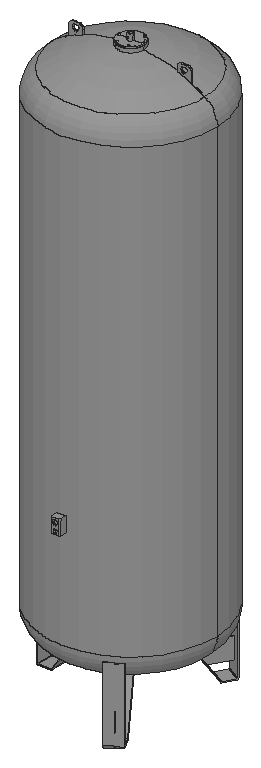
Revit family "WRV 10000", category Оборудование, Revit 2014
Parameters
  Описание = "Мембранный бак для отопления V=10000л, Py=10бар, DN100"
  Материал = Красная краска
  Масса кг = "1920"
  Комментарии к типоразмеру = "WRV 10000"
  Изготовитель = "WESTER"  # constant formula
  URL = "http://www.wester.su/"
Reference planes
  plane 1 "По центру (Вперед/Назад)": y = 0
  plane 2: z = 0
  plane 3 "По центру (Влево/Вправо)": x = 0
Forms (mm)
  Revolve 1, solid, material "Красная краска" <- "Материал"
    sketch origin (161.5, 0, 805.958) x (0, 0, 1) y (-1, 0, 0)
      loop
        line (-440.974, 161.5) -> (4564.042, 161.5) -> (4564.042, 281.538)
        arc (4564.042, 281.538) -> (4501.051, 575.629) -> (4370.853, 846.748) r 1273.597
        arc (4370.853, 846.748) -> (4281.132, 930.93) -> (4161.963, 961.51) r 247.493
        line (4161.963, 961.51) -> (-48.037, 961.51)
        arc (-48.037, 961.51) -> (-167.066, 930.985) -> (-256.716, 846.945) r 247.335
        arc (-256.716, 846.945) -> (-374.619, 610.106) -> (-440.974, 354) r 1271.891
        line (-440.974, 354) -> (-440.974, 161.5)
      axis (-440.974, 161.5) -> (4564.042, 161.5)
    angle from 0 to 360
  Revolve 2, solid, material "Красная краска" <- "Материал"
    sketch origin (0, 0, 604.512) x (-1, 0, 0) y (0, 0, -1)
      loop
        line (0, 239.527) -> (192.5, 239.527) -> (192.5, 254.559) -> (166.016, 254.559) -> (166.016, 264.512) -> (192.5, 264.512) -> (192.5, 284.512) -> (60.592, 284.512) -> (60.592, 364.512) -> (55.131, 364.512) -> (55.131, 284.516) -> (0, 284.516) -> (0, 239.527)
      axis (0, 364.512) -> (0, 239.527)
    angle from 0 to 360
  Revolve 3, solid, material "Красная краска" <- "Материал"
    sketch origin (0, 0, 4773.511) x (1, 0, 0) y (0, 0, 1)
      loop
        line (-24.298, 691.489) -> (-24.298, 641.489) -> (-120.038, 641.489) -> (-120.038, 633.489) -> (-99.923, 633.489) -> (-99.923, 626.489) -> (-120.038, 626.489) -> (-120.038, 596.489) -> (0, 596.489) -> (0, 641.489) -> (-19.533, 641.489) -> (-19.533, 691.489) -> (-24.298, 691.489)
      axis (0, 691.489) -> (0, 596.489)
    angle from 0 to 360
  Extrusion 4, solid, material "Красная краска" <- "Материал"
    sketch origin (0, -96.875, 0) x (1, 0, 0) y (0, 1, 0)
      loop
        line (42.5, -758.125) -> (42.5, -693.125) -> (-42.5, -693.125) -> (-42.5, -758.125)
        arc (-42.5, -758.125) -> (-39.571, -765.196) -> (-32.5, -768.125) r 10
        line (-32.5, -768.125) -> (32.5, -768.125)
        arc (32.5, -768.125) -> (39.571, -765.196) -> (42.5, -758.125) r 10
    from 1700 to 1838
  Extrusion 5, void
    sketch origin (0, 0, 660) x (1, 0, 0) y (0, 0, 1)
      loop
        circle (0, 1139.927) r 25
      loop
        circle (0, 1069.302) r 20
    from 855 to 865
  Extrusion 6, solid, material "Красная краска" <- "Материал"
    sketch origin (0, 0, 2201.25) x (1, 0, 0) y (0, 0, 1)
      loop
        line (565, 3023.75) -> (565, 3138.75)
        arc (565, 3138.75) -> (553.284, 3167.034) -> (525, 3178.75) r 40
        line (525, 3178.75) -> (475, 3178.75)
        arc (475, 3178.75) -> (446.716, 3167.034) -> (435, 3138.75) r 40
        line (435, 3138.75) -> (435, 3023.75) -> (565, 3023.75)
      loop
        circle (499.73, 3132.877) r 30
      loop
        line (-565, 3023.75) -> (-435, 3023.75) -> (-435, 3138.75)
        arc (-435, 3138.75) -> (-446.716, 3167.034) -> (-475, 3178.75) r 40
        line (-475, 3178.75) -> (-525, 3178.75)
        arc (-525, 3178.75) -> (-553.284, 3167.034) -> (-565, 3138.75) r 40
        line (-565, 3138.75) -> (-565, 3023.75)
      loop
        circle (-499.73, 3132.877) r 30
    from -3.5 to 3.5
  Extrusion 7, solid, material "Красная краска" <- "Материал"
    sketch origin (0, 0, 0) x (1, 0, 0) y (0, 0, 1)
      loop
        line (-794, 320) -> (-794, 120) -> (-588.525, 120) -> (-448.87, 320) -> (-794, 320)
    from -3 to 3
  Extrusion 8, solid, material "Красная краска" <- "Материал"
    sketch origin (0, 0, 0) x (1, 0, 0) y (0, 0, 1)
      loop
        line (-661.418, 5.13) -> (-378.496, 410.303) -> (-384.502, 412.182) -> (-666.337, 8.565)
        arc (-666.337, 8.565) -> (-668.483, 6.68) -> (-671.257, 6) r 6
        line (-671.257, 6) -> (-788, 6)
        arc (-788, 6) -> (-792.243, 7.757) -> (-794, 12) r 6
        line (-794, 12) -> (-794, 703.818) -> (-800, 703.818) -> (-800, 12)
        arc (-800, 12) -> (-796.485, 3.515) -> (-788, 0) r 12
        line (-788, 0) -> (-671.257, 0)
        arc (-671.257, 0) -> (-665.709, 1.359) -> (-661.418, 5.13) r 12
    from -80 to 80
  Extrusion 9, solid, material "Красная краска" <- "Материал"
    sketch origin (0.362, -0.627, 0) x (-0.5, 0.866025, 0) y (0, 0, 1)
      loop
        line (-661.418, 5.13) -> (-378.496, 410.303) -> (-384.502, 412.182) -> (-666.337, 8.565)
        arc (-666.337, 8.565) -> (-668.483, 6.68) -> (-671.257, 6) r 6
        line (-671.257, 6) -> (-788, 6)
        arc (-788, 6) -> (-792.243, 7.757) -> (-794, 12) r 6
        line (-794, 12) -> (-794, 703.818) -> (-800, 703.818) -> (-800, 12)
        arc (-800, 12) -> (-796.485, 3.515) -> (-788, 0) r 12
        line (-788, 0) -> (-671.257, 0)
        arc (-671.257, 0) -> (-665.709, 1.359) -> (-661.418, 5.13) r 12
    from -80 to 80
  Extrusion 10, solid, material "Красная краска" <- "Материал"
    sketch origin (0.571, 0.988, 0) x (-0.5, -0.866025, 0) y (0, 0, 1)
      loop
        line (-661.418, 5.13) -> (-378.496, 410.303) -> (-384.502, 412.182) -> (-666.337, 8.565)
        arc (-666.337, 8.565) -> (-668.483, 6.68) -> (-671.257, 6) r 6
        line (-671.257, 6) -> (-788, 6)
        arc (-788, 6) -> (-792.243, 7.757) -> (-794, 12) r 6
        line (-794, 12) -> (-794, 703.818) -> (-800, 703.818) -> (-800, 12)
        arc (-800, 12) -> (-796.485, 3.515) -> (-788, 0) r 12
        line (-788, 0) -> (-671.257, 0)
        arc (-671.257, 0) -> (-665.709, 1.359) -> (-661.418, 5.13) r 12
    from -80 to 80
  Extrusion 11, solid, material "Красная краска" <- "Материал"
    sketch origin (0.362, -0.627, 0) x (-0.5, 0.866025, 0) y (0, 0, 1)
      loop
        line (-794, 320) -> (-794, 120) -> (-588.525, 120) -> (-448.87, 320) -> (-794, 320)
    from -3 to 3
  Extrusion 12, solid, material "Красная краска" <- "Материал"
    sketch origin (0.571, 0.988, 0) x (-0.5, -0.866025, 0) y (0, 0, 1)
      loop
        line (-794, 320) -> (-794, 120) -> (-588.525, 120) -> (-448.87, 320) -> (-794, 320)
    from -3 to 3
Cuts and joins
  Extrusion 5 cuts Extrusion 4
  joined: Revolve 1, Extrusion 4, Extrusion 6
  joined: Extrusion 10, Extrusion 12
  joined: Extrusion 9, Extrusion 11
  joined: Extrusion 7, Extrusion 8
Dimensions and locks
  aligned and locked: level to plane 2
Nested families
  nested 1: "Болт" at (0, -175.057, 320) x (0, 1, 0) z (0, 0, -1), type "Болт"
  nested 2: "Болт" at (-123.981, -123.959, 320) x (-0.2588, 0.9659, 0) z (0, 0, -1), type "Болт"
  nested 3: "Болт" at (-175, 0, 320) x (1, 0, 0) z (0, 0, -1), type "Болт"
  nested 4: "Болт" at (123.52, 123.921, 320) x (-0.2588, 0.9659, 0) z (0, 0, -1), type "Болт"
  nested 5: "Болт" at (-123.576, 123.61, 320) x (0.2588, 0.9659, 0) z (0, 0, -1), type "Болт"
  nested 6: "Болт" at (123.798, -123.873, 320) x (0.9659, 0.2588, 0) z (0, 0, -1), type "Болт"
  nested 7: "Болт" at (175, 0, 320) x (-1, 0, 0) z (0, 0, -1), type "Болт"
  nested 8: "Болт" at (0, 175.033, 320) x (0, -1, 0) z (0, 0, -1), type "Болт"
  nested 9: "Болт" at (-108.026, 0, 5415) x (-1, 0, 0) z (0, 0, 1), type "Болт"
    with L 30 mm
  nested 10: "Болт" at (108.026, 0, 5415), type "Болт"
    with L 30 mm
  nested 11: "Болт" at (54.046, -93.483, 5415), type "Болт"
    with L 30 mm
  nested 12: "Болт" at (-54.046, -93.483, 5415) x (-1, 0, 0) z (0, 0, 1), type "Болт"
    with L 30 mm
  nested 13: "Болт" at (54.046, 93.483, 5415), type "Болт"
    with L 30 mm
  nested 14: "Болт" at (-54.046, 93.483, 5415) x (-1, 0, 0) z (0, 0, 1), type "Болт"
    with L 30 mm
Connectors
  piping at (0, 0, 240), diameter 100
    settings: on Revolve 2, index 1, connector inside diameter 609.6 mm, connector length 0 mm, flow factor 0, pipe flow 0.0 L/s, pressure drop 0.0 Pa, fitting loss kfactor 0, connector angle 0.00°, fixture units 0, engagement length 0 mm, angle of deflection 0.00°, flow configuration 1, flow direction 0, fitting loss method 0, system type 29, joint type 0, gender type 0, connector reference index -1, connector utility 0, adjustable connector no, is connector primary yes, connector description ""
Definition of nested family "Болт"
  Parameters (values of type "Болт")
    Default Elevation = 1219.2 mm
    L [instance] = 30 mm
  Reference planes
    plane 1 "По центру (Вперед/Назад)": y = 0
    plane 2: z = 0
    plane 3 "По центру (Влево/Вправо)": x = 0
    plane 4: z = -30
  Forms (mm)
    Extrusion 1, solid
      sketch origin (0, 0, 0) x (1, 0, 0) y (0, 1, 0)
        loop
          line (-1219.2, 1219.2) -> (-1219.2, -1219.2) -> (1219.2, -1219.2) -> (1219.2, 1219.2) -> (-1219.2, 1219.2)
      from 0 to -304.8
    Extrusion 2, solid, detail levels medium+fine
      sketch origin (0, 0, 0) x (0, 1, 0) y (-1, 0, 0)
        loop
          line (-6.5, -3.753) -> (0, -7.506) -> (6.5, -3.753) -> (6.5, 3.753) -> (0, 7.506) -> (-6.5, 3.753) -> (-6.5, -3.753)
      from 0 to 5.3
    Extrusion 3, solid, detail levels medium+fine
      sketch origin (0, 0, 0) x (1, 0, 0) y (0, 1, 0)
        loop
          circle (0, 0) r 4
      from -30 to 0
    Revolve 4, void
      sketch origin (0, 0, 0) x (1, 0, 0) y (0, 0, 1)
        loop
          line (-7.506, 4.447) -> (-6.413, 5.3) -> (-7.506, 5.3) -> (-7.506, 4.447)
        axis (0, 5.3) -> (0, 4.3)
      angle from 0 to 360
    Revolve 5, void
      sketch origin (0, 0, -51.56) x (1, 0, 0) y (0, 0, 1)
        loop
          line (-4, 21.56) -> (-2.365, 21.56) -> (-4, 23.195) -> (-4, 21.56)
        axis (0, 23.195) -> (0, 21.56)
      angle from 0 to 360
  Cuts and joins
    Revolve 4 cuts Extrusion 2
    Revolve 5 cuts Extrusion 3
    joined: Extrusion 2, Extrusion 3
  Dimensions and locks
    Extrusion 1 to cut or joined group of Extrusion 2, Extrusion 3, Revolve 4, Revolve 5 = 30 mm
    "L": level to plane 4
    locked: Revolve 5 sketch curve to plane 4 at 1.635
    aligned and locked: plane 2 to Extrusion 1
    aligned and locked: level to Extrusion 1
    aligned and locked: Revolve 4 sketch curve to plane 3 "По центру (Влево/Вправо)"
    aligned and locked: cut or joined group of Extrusion 2, Extrusion 3, Revolve 4, Revolve 5 to Revolve 4 sketch curve
    aligned and locked: Extrusion 3 to plane 4
    aligned and locked: cut or joined group of Extrusion 2, Extrusion 3, Revolve 4, Revolve 5 to plane 4
  Automatic sketch dimensions
    Extrusion 1 sketch curve to Extrusion 1 sketch curve = 2438.4 mm  (x2)
    plane 1 "По центру (Вперед/Назад)" to Extrusion 2 sketch curve = 0 mm  (x2)
    plane 1 "По центру (Вперед/Назад)" to Extrusion 2 sketch curve = 6.5 mm
    Extrusion 2 sketch curve to plane 1 "По центру (Вперед/Назад)" = 6.5 mm
    plane 3 "По центру (Влево/Вправо)" to Extrusion 2 sketch curve = 7.506 mm
    plane 3 "По центру (Влево/Вправо)" to Extrusion 2 sketch curve = 3.753 mm  (x2)
    Extrusion 2 sketch curve to plane 3 "По центру (Влево/Вправо)" = 3.753 mm  (x2)
    Extrusion 2 sketch curve to plane 3 "По центру (Влево/Вправо)" = 7.506 mm
    plane 1 "По центру (Вперед/Назад)" to Extrusion 3 sketch curve = 0 mm
    Extrusion 3 sketch curve to plane 3 "По центру (Влево/Вправо)" = 0 mm
    Revolve 4 sketch curve to plane 3 "По центру (Влево/Вправо)" = 6.413 mm
    Revolve 4 sketch curve to Revolve 4 sketch curve = 1.092 mm
    Revolve 4 sketch curve to Revolve 4 sketch curve = 0.853 mm
    Revolve 4 sketch curve to plane 4 = 544.04 mm
    Revolve 4 sketch curve to Revolve 4 sketch curve = 2603.758 mm
    plane 3 "По центру (Влево/Вправо)" to Revolve 5 sketch curve = 0 mm
    Revolve 5 sketch curve to plane 3 "По центру (Влево/Вправо)" = 2.365 mm
    Revolve 5 sketch curve to Revolve 5 sketch curve = 1.635 mm  (x2)
    Revolve 5 sketch curve to plane 4 = 595.6 mm
    level to Revolve 5 sketch curve = 2557.498 mm
    radius of Extrusion 3 sketch curve = 4 mm
